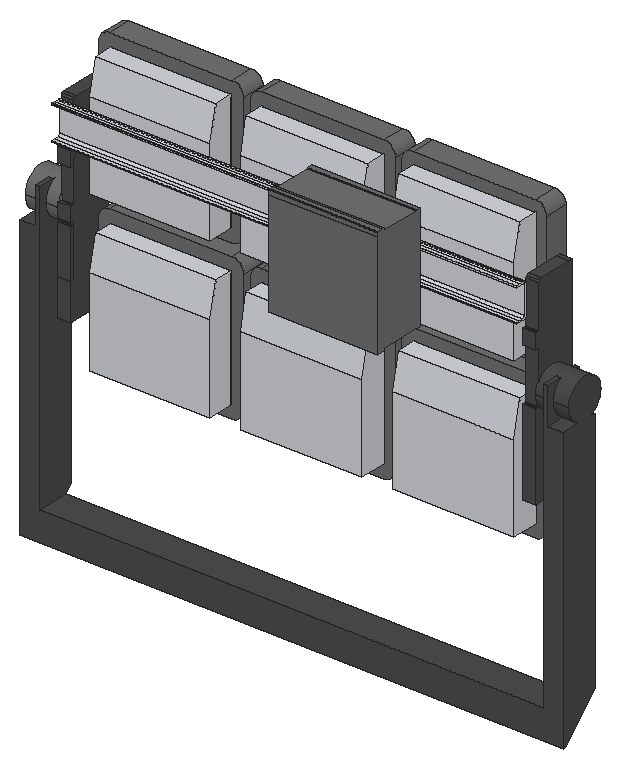
Revit family "Lighting-Floodlights-GEWISS-SMART[PRO]2.0-LED-HIGH-POWER_6MODULE_CLI", category Apparecchi per illuminazione, host Superficie, Revit 2019
Family settings
  Host = Superficie
  Quota connettore circolare = Usa diametro
  Tipo di parte = Normale
  Taglio con vuoti quando caricato = No
  Sorgente d'illuminazione = No
  Condiviso = No
  Punto di calcolo locali = No
Parameters (values of type "GWP2630AN957 - SMART PRO 3x2M A3 CRI90 5700K")
  Wiring = "Watertight connector"
  Weight (kg): = "29"
  Warranty = "5 years"
  Voltaggio = 230 V
  Visibilità etichetta [instance] = yes
  Vetro acceso = Lampada accesa
  Versions = "5700K cold light"
  Version file RFA = "20.11"
  Unique digital code (Datamatrix) = "Currently not present"
  Unified Glare Rating = "G*6 - ULOR = 0"
  URL = "https://www.gewiss.com/ww/en"
  Type of light source = "LED - Not replaceable"
  Tilt- = "Rotation on bracket with integrated goniometer"
  Technical sheet = "https://www.gewiss.com/ww/en/search?q=GWP2630AN957"
  System power = "970W"
  Supply voltage = "-"
  Struttura = GEWISS - NERO
  Stocking temperature = "-"
  Standards and approvals = "-"
  Standard- = "EN60598-1; EN60598-2-5; IEC 62778; IEC 62471; EN13201"
  Standard Deviation Colour Matching = "SDCM = 3"
  Shock resistance = "IK08"
  Shield type = "Flat tempered glass 4mm"
  SEO = "Floodlight"
  Realized by GEWISS S.p.A. = ""
  Rated frequency (Hz) = "-"
  Produttore = "GEWISS S.p.A."
  Photobiological Risk Class = "-"
  Overvoltage protection = "See external supply unit"
  Ottica_ = GEWISS - OTTICA
  Optic and illuminating features = "-"
  Optic Maintenance = "Not available"
  Optic : = "Polished anodised aluminum reflector with 99.99% pure aluminum"
  Optic = "A3 - Assymetric Narrow"
  Operating temperature : = "-30 +50 °C"
  N. poli = 2
  Mouting and installation = "High-mast lighting - Wall mounting - Ground mouting"
  Modello = "GWP2630AN957"
  Maximum surface exposed to the wind : = "0,333 m2"
  Materials = "-"
  Luminaire = "LED luminaire with mid and high lumen power"
  Lumen output (lm) = "95500"
  Locking Hook = "Hexagonal metric screws"
  Lifetime = "L90B10 (Tq+25°C) = 36000h L90B10 (Tq+50°C) = 26000h L80B10 (Tq+25°C) = 81000h"
  Lampada = "LED"
  LED Maintenance = "Yes"
  Insulation class = "I"
  Installationa and maintenance = "-"
  Immagine tipo = SMART PRO 6.jpg
  IPEA = "ROAD = C // LARGE AREAS = A // CICLOPEDONALI = B // GREEN AREAS = B // HISTORICAL CENTER = A ++ // OTHER = A ++"
  IP degree = "IP66"
  IFC.TypeObject = ""
  IFC.ExportType = ""
  IFC.ExportAs = ""
  IDT = "5694ef43a41d4293b3b9519a64b0ddb9"
  IDF = "6be5a8cc-6c55-4606-870e-3d78fd827b65"
  Glow Wire Test : = "-"
  General information = "-"
  Gasket = "Anti-aging silicone"
  Fixing = "Bracket"
  External screw = "Stainless steel"
  Etichetta wattaggio = yes
  Trasformatore = GEWISS - PLAFONIERA
  Struttura plafoniera = GEWISS - PLAFONIERA
  Spessore staffa = 59 mm
  Default Elevation = 1219.2 mm  # constant formula
  Proiettsmart_simbolo [instance] = no
  Plafoniera_bidimensionale [instance] = not(Proiettsmart_simbolo)  # yes
  Eletrical and lighting features = "-"
  Efficiency (lm/W) = "98"
  Driver Box = "External"
  Driver = "To be ordered separately"
  Distanza_y [instance] = 200 mm
  Distanza_x [instance] = 0 mm
  Distanza_effettiva_y_etichetta [instance] = 1000 mm - Distanza_y  # 800 mm
  Distanza_effettiva_x_etichetta [instance] = 1000 mm - Distanza_x  # 1000 mm
  Device with reduced surface temperature = "No"
  Descrizione = "SMART PRO 3x2M A3 CRI90 5700K"
  DIN 18032-3 certification = "-"
  Control System = "See external supply unit"
  Context = "Sport, Big Areas"
  Commenti sul wattaggio = "1020W"
  Commenti Wattaggio 1_200 = not(Commenti Wattaggio 1_100)  # no
  Commenti Wattaggio 1_100 = yes
  Colour temperature = "5700K"
  Colour : = "Polyester powder coated"
  Colour = "Graphite grey"
  Color Rendering Index = "CRI-90 TLCI-80"
  Classificazione = Lighting
  Larghezza = 503 mm
  L_plafoniera = 817 mm
  H_centro_STaffa = 459 mm
  Fine staffa = H_centro_STaffa + 25 mm  # 484 mm
  Classification: = "-"
  Catalogue = "LIGHTING"
  Carico apparente = 1020 VA
  COBie.Tagnumber = ""
  COBie.CreatedOn = ""
  COBie.CreatebBy = ""
  COBie.ComponentRegisterItemID = ""
  COBie.Component.TagNumber = ""
  COBie.Component.Space = ""
  COBie.Component.SerialNumber = ""
  COBie.Component.InstallationDate = ""
  COBie.Component.Description = ""
  COBie.Component.BarCode = ""
  Body = "Die-cast aluminium -"
  Application = "Indoor / Outdoor"
Reference planes
  plane 1 "Centro (Fronte/Retro)": y = 0
  plane 2: z = 0
  plane 3 "Centro (Sinistra/Destra)": x = 0
  plane 4: z = 459
  plane 5: z = 484
  plane 6: y = 29.5
  plane 7: y = -29.5
  plane 8: x = 382
  plane 9: y = 251.5
  plane 10: y = -251.5
  plane 11: y = 244.5
  plane 12: x = -412
  plane 13: x = -382
  plane 14: x = 412
  plane 15: x = 382
  plane 16: z = 45
  plane 17: z = 428.975
  plane 18: x = -387.874
  plane 19: z = 309.079
  plane 20: z = 712.236
  plane 21: y = 49.924
  plane 22: y = -20.101
  plane 23: x = 342.659
  plane 24: x = 361.842
  plane 25: x = -342.659
  plane 26: x = -361.842
  plane 27: z = 365.525
  plane 28: x = 31.483
  plane 29: x = 196.416
  plane 30 "aa": z = 579.103
  plane 31: through (-552, -4572, 0) normal (-0.9455, 0, 0.3256)
  plane 32: through (-463.272, -4572, 772.236) normal (0.3907, 0, 0.9205)
  plane 33: through (278.314, -4572, -114.377) normal (-0.9455, 0, -0.3256)
  plane 34: x = -1000
  plane 35: y = -1029.5
  plane 36: x = 0
  plane 37: y = -229.5
Forms (mm)
  Extrusion 1, solid, material "GEWISS - NERO" <- "Struttura"
    sketch origin (0, 0, 0) x (1, 0, 0) y (0, 0, 1)
      loop
        line (-382, 45) -> (-382, 484) -> (-412, 484) -> (-412, 0) -> (412, 0) -> (412, 484) -> (382, 484) -> (382, 45) -> (-382, 45)
    from -29.5 to 29.5
  Extrusion 2, void
    sketch origin (0, 0, 0) x (1, 0, 0) y (0, 0, 1)
      loop
        line (-412, 428.975) -> (-387.874, 428.975) -> (-387.874, 484) -> (-412, 484) -> (-412, 428.975)
    from -29.5 to 29.5
  Extrusion 3, void
    sketch origin (0, 0, 0) x (-1, 0, 0) y (0, 0, -1)
      loop
        line (-412, -428.975) -> (-412, -484) -> (-387.874, -484) -> (-387.874, -428.975) -> (-412, -428.975)
    from -29.5 to 29.5
  Extrusion 4, void
    sketch origin (0, 0, 0) x (0, -1, 0) y (0, 0, -1)
      loop
        line (-29.5, -55.368) -> (26.874, 0) -> (-29.5, 0) -> (-29.5, -55.368)
    from -412 to 412
  Extrusion 5, solid, material "GEWISS - NERO" <- "Struttura"
    sketch origin (0, 0, 0) x (0, 1, 0) y (0, 0, 1)
      loop
        circle (10.781, 457.75) r 30
    from 361.842 to 412
  Extrusion 6, solid, material "GEWISS - NERO" <- "Struttura"
    sketch origin (0, 0, 0) x (0, 1, 0) y (0, 0, 1)
      loop
        line (-20.101, 309.504) -> (44.485, 309.504) -> (49.924, 309.504) -> (49.924, 519.155) -> (49.924, 612.236) -> (44.457, 612.236) -> (-9.215, 612.236) -> (-12.352, 610.662) -> (-13.897, 607.544) -> (-13.897, 542.201) -> (-15.419, 542.201) -> (-20.101, 542.201) -> (-20.101, 519.155) -> (-13.897, 519.155) -> (-13.897, 439.018) -> (-15.419, 439.018) -> (-20.101, 439.018) -> (-20.101, 309.504)
    from 342.659 to 361.842
  Extrusion 7, solid
    sketch origin (0, 0, 0) x (0, 1, 0) y (0, 0, 1)
      loop
        line (-19.603, 605.15) -> (-26.334, 605.15) -> (-31.777, 605.15) -> (-31.777, 602.82) -> (-26.334, 602.82) -> (-18.859, 602.82)
        arc (-18.859, 602.82) -> (-17.001, 602.051) -> (-16.231, 600.192) r 2.628
        line (-16.231, 600.192) -> (-16.231, 557.937)
        arc (-16.231, 557.937) -> (-17.218, 555.555) -> (-19.6, 554.568) r 3.368
        line (-19.6, 554.568) -> (-26.334, 554.568) -> (-31.777, 554.596) -> (-31.777, 553.023) -> (-26.334, 553.023) -> (-19.576, 553.023)
        arc (-19.576, 553.023) -> (-15.56, 554.686) -> (-13.897, 558.702) r 5.679
        line (-13.897, 558.702) -> (-13.897, 599.444)
        arc (-13.897, 599.444) -> (-15.568, 603.478) -> (-19.603, 605.15) r 5.706
    from -361.842 to 342.659
  Extrusion 8, solid, material "GEWISS - PLAFONIERA" <- "Struttura plafoniera"
    sketch origin (0, 0, 0) x (0, 1, 0) y (0, 0, -1)
      loop
        circle (10.781, -457.75) r 30
    from 361.842 to 412
  Extrusion 9, solid, material "GEWISS - NERO" <- "Struttura"
    sketch origin (0, 0, 0) x (0, 1, 0) y (0, 0, -1)
      loop
        line (-20.101, -309.504) -> (-20.101, -364.018) -> (-15.419, -364.018) -> (-13.897, -364.018) -> (-13.897, -444.155) -> (-20.101, -444.155) -> (-20.101, -467.201) -> (-15.419, -467.201) -> (-13.897, -467.201) -> (-13.897, -532.544) -> (-12.352, -535.662) -> (-9.215, -537.236) -> (44.457, -537.236) -> (49.924, -537.236) -> (49.924, -444.155) -> (49.924, -309.504) -> (44.485, -309.504) -> (-20.101, -309.504)
    from 342.659 to 361.842
  Extrusion 10, solid, not visible
    sketch origin (0, 0, -239.625) x (0, 1, 0) y (0, 0, 1)
      loop
        line (-19.603, 605.15) -> (-26.334, 605.15) -> (-31.777, 605.15) -> (-31.777, 602.82) -> (-26.334, 602.82) -> (-18.859, 602.82)
        arc (-18.859, 602.82) -> (-17.001, 602.051) -> (-16.231, 600.192) r 2.628
        line (-16.231, 600.192) -> (-16.231, 557.937)
        arc (-16.231, 557.937) -> (-17.218, 555.555) -> (-19.6, 554.568) r 3.368
        line (-19.6, 554.568) -> (-26.334, 554.568) -> (-31.777, 554.596) -> (-31.777, 553.023) -> (-26.334, 553.023) -> (-19.576, 553.023)
        arc (-19.576, 553.023) -> (-15.56, 554.686) -> (-13.897, 558.702) r 5.679
        line (-13.897, 558.702) -> (-13.897, 599.444)
        arc (-13.897, 599.444) -> (-15.568, 603.478) -> (-19.603, 605.15) r 5.706
    from -361.842 to 342.659
  Extrusion 11, solid, material "GEWISS - PLAFONIERA" <- "Trasformatore"
    sketch origin (0, 0, 0) x (0, 1, 0) y (0, 0, 1)
      loop
        line (-100.243, 661.174) -> (-100.243, 661.959) -> (-103.352, 661.959) -> (-110.368, 661.959) -> (-111.909, 661.174) -> (-111.909, 654.942) -> (-111.909, 495.458) -> (-100.243, 495.458) -> (-100.243, 497.003) -> (-99.477, 498.571) -> (-98.693, 499.332) -> (-38.765, 500.117) -> (-38.765, 498.571) -> (-31.777, 498.571) -> (-31.777, 551.454) -> (-32.561, 553.023) -> (-32.561, 605.934) -> (-31.777, 607.507) -> (-31.777, 659.634) -> (-38.765, 659.634) -> (-38.765, 658.056) -> (-98.693, 658.84) -> (-99.477, 659.634) -> (-100.243, 661.174)
    from 31.483 to 196.416
  Extrusion 12, solid, not visible
    sketch origin (0, 0, 0) x (0, 1, 0) y (0, 0, 1)
      loop
        line (-12.377, 860.2) -> (-12.377, 728.008) -> (28.098, 728.008) -> (28.098, 910.008) -> (-2.114, 910.008) -> (-12.377, 860.2)
    from -319.833 to -137.833
  Extrusion 13, solid
    sketch origin (0, 0, 0.351) x (0, 1, 0) y (0, 0, 1)
      loop
        line (-19.603, 605.15) -> (-26.334, 605.15) -> (-31.777, 605.15) -> (-31.777, 602.82) -> (-26.334, 602.82) -> (-18.859, 602.82)
        arc (-18.859, 602.82) -> (-17.001, 602.051) -> (-16.231, 600.192) r 2.628
        line (-16.231, 600.192) -> (-16.231, 557.937)
        arc (-16.231, 557.937) -> (-17.218, 555.555) -> (-19.6, 554.568) r 3.368
        line (-19.6, 554.568) -> (-26.334, 554.568) -> (-31.777, 554.596) -> (-31.777, 553.023) -> (-26.334, 553.023) -> (-19.576, 553.023)
        arc (-19.576, 553.023) -> (-15.56, 554.686) -> (-13.897, 558.702) r 5.679
        line (-13.897, 558.702) -> (-13.897, 599.444)
        arc (-13.897, 599.444) -> (-15.568, 603.478) -> (-19.603, 605.15) r 5.706
    from -361.842 to 342.659
  Extrusion 14, solid
    sketch origin (0, 0, -239.649) x (0, 1, 0) y (0, 0, 1)
      loop
        line (-12.377, 860.2) -> (-12.377, 728.008) -> (28.098, 728.008) -> (28.098, 910.008) -> (-2.114, 910.008) -> (-12.377, 860.2)
    from -319.833 to -137.833
  Extrusion 15, solid
    sketch origin (0, 0, -239.649) x (0, 1, 0) y (0, 0, 1)
      loop
        line (-12.377, 860.2) -> (-12.377, 728.008) -> (28.098, 728.008) -> (28.098, 910.008) -> (-2.114, 910.008) -> (-12.377, 860.2)
    from -319.833 to -137.833
  Extrusion 16, solid
    sketch origin (0, 0, -239.649) x (0, 1, 0) y (0, 0, 1)
      loop
        line (-12.377, 860.2) -> (-12.377, 728.008) -> (28.098, 728.008) -> (28.098, 910.008) -> (-2.114, 910.008) -> (-12.377, 860.2)
    from -91.406 to 92.998
  Extrusion 17, solid
    sketch origin (0, 0, -239.649) x (0, 1, 0) y (0, 0, 1)
      loop
        line (-12.377, 860.2) -> (-12.377, 728.008) -> (28.098, 728.008) -> (28.098, 911.885) -> (-1.728, 911.885) -> (-12.377, 860.2)
    from 139.682 to 323.278
  Extrusion 18, solid, not visible
    sketch origin (0, 0, 0) x (0, 1, 0) y (0, 0, 1)
      loop
        line (-12.377, 860.2) -> (-12.377, 728.008) -> (28.098, 728.008) -> (28.098, 910.008) -> (-2.114, 910.008) -> (-12.377, 860.2)
    from -319.833 to -137.833
  Extrusion 19, solid, not visible
    sketch origin (0, 0, 0) x (0, 1, 0) y (0, 0, 1)
      loop
        line (-12.377, 860.2) -> (-12.377, 728.008) -> (28.098, 728.008) -> (28.098, 910.008) -> (-2.114, 910.008) -> (-12.377, 860.2)
    from -319.833 to -137.833
  Extrusion 20, solid, not visible
    sketch origin (0, 0, 0) x (0, 1, 0) y (0, 0, 1)
      loop
        line (-12.377, 860.2) -> (-12.377, 728.008) -> (28.098, 728.008) -> (28.098, 910.008) -> (-2.114, 910.008) -> (-12.377, 860.2)
    from -91.406 to 92.998
  Extrusion 21, solid, not visible
    sketch origin (0, 0, 0) x (0, 1, 0) y (0, 0, 1)
      loop
        line (-12.377, 860.2) -> (-12.377, 728.008) -> (28.098, 728.008) -> (28.098, 911.885) -> (-1.728, 911.885) -> (-12.377, 860.2)
    from 139.682 to 323.278
  Extrusion 22, solid
    sketch origin (0, 0, -479.294) x (0, 1, 0) y (0, 0, 1)
      loop
        line (-12.377, 860.2) -> (-12.377, 728.008) -> (28.098, 728.008) -> (28.098, 910.008) -> (-2.114, 910.008) -> (-12.377, 860.2)
    from -319.833 to -137.833
  Extrusion 23, solid
    sketch origin (0, 0, -479.294) x (0, 1, 0) y (0, 0, 1)
      loop
        line (-12.377, 860.2) -> (-12.377, 728.008) -> (28.098, 728.008) -> (28.098, 910.008) -> (-2.114, 910.008) -> (-12.377, 860.2)
    from -319.833 to -137.833
  Extrusion 24, solid
    sketch origin (0, 0, -479.294) x (0, 1, 0) y (0, 0, 1)
      loop
        line (-12.377, 860.2) -> (-12.377, 728.008) -> (28.098, 728.008) -> (28.098, 910.008) -> (-2.114, 910.008) -> (-12.377, 860.2)
    from -91.406 to 92.998
  Extrusion 25, solid
    sketch origin (0, 0, -479.294) x (0, 1, 0) y (0, 0, 1)
      loop
        line (-12.377, 860.2) -> (-12.377, 728.008) -> (28.098, 728.008) -> (28.098, 911.885) -> (-1.728, 911.885) -> (-12.377, 860.2)
    from 139.682 to 323.278
  Extrusion 26, solid, material "GEWISS - NERO" <- "Struttura"
    sketch origin (0, 0, 0) x (0, 1, 0) y (0, 0, -1)
      loop
        line (-20.101, -309.504) -> (-20.101, -439.018) -> (-15.419, -439.018) -> (-13.897, -439.018) -> (-13.897, -519.155) -> (-20.101, -519.155) -> (-20.101, -542.201) -> (-15.419, -542.201) -> (-13.897, -542.201) -> (-13.897, -607.544) -> (-12.352, -610.662) -> (-9.215, -612.236) -> (44.457, -612.236) -> (49.924, -612.236) -> (49.924, -519.155) -> (49.924, -309.504) -> (44.485, -309.504) -> (-20.101, -309.504)
    from 342.659 to 361.842
Cuts and joins
  Extrusion 2, Extrusion 3, Extrusion 4 cuts Extrusion 1
  joined: Extrusion 1, Extrusion 5
Lines and regions (mm)
  Masking region 1, visible <- "Plafoniera_bidimensionale"
    outline origin (0, 0, 0) x (1, 0, 0) y (0, 1, 0)
      loop
        line (-413.833, -26.874) -> (412, -26.874) -> (412, 28.098) -> (342.659, 28.098) -> (342.659, 64.098) -> (120.996, 64.098) -> (120.996, 28.098) -> (111.466, 28.098) -> (111.466, 64.098) -> (-108.534, 64.098) -> (-108.534, 29.098) -> (-118.534, 29.098) -> (-118.534, 64.098) -> (-338.833, 64.098) -> (-338.833, 28.098) -> (-413.833, 28.098) -> (-413.833, -26.874)
  Masking region 2, visible <- "Proiettsmart_simbolo"
    outline origin (0, 0, 0) x (1, 0, 0) y (0, 0, 1)
      loop
        line (-174.151, 45) -> (-174.151, 0) -> (214.342, 0) -> (214.342, 45) -> (-174.151, 45)
  Masking region 3, visible <- "Proiettsmart_simbolo"
    outline origin (0, 0, 0) x (0, 1, 0) y (0, 0, 1)
      loop
        line (-175.348, 45) -> (-175.348, 0) -> (214.524, 0) -> (214.524, 45) -> (-175.348, 45)
Dimensions and locks
  "H_centro_STaffa": plane 4 to plane 2
  "Fine staffa": plane 5 to plane 2
  equal spacing: plane 6, plane 1 "Centro (Fronte/Retro)", plane 7
  "Spessore staffa": plane 6 to plane 7
  equal spacing: plane 9, plane 1 "Centro (Fronte/Retro)", plane 10
  "Larghezza": plane 9 to plane 10
  locked: plane 9 to plane 11 at 7
  locked: plane 13 to plane 12 at 30
  locked: plane 15 to plane 14 at 30
  locked: plane 16 to host face at 45
  locked: plane 12 to plane 18 at 24.126
  locked: plane 4 to plane 17 at 30.025
  host face to plane 19 = 309.079 mm
  locked: plane 21 to plane 6 at 20.424
  locked: plane 22 to plane 7 at 9.399
  locked: plane 24 to plane 15 at 20.158
  locked: plane 24 to plane 23 at 19.183
  locked: plane 26 to plane 25 at 19.183
  plane 4 to Extrusion 7 = 146.15 mm
  locked: Extrusion 9 to Extrusion 9 at 19.183
  plane 34 to plane 3 "Centro (Sinistra/Destra)" = 1000 mm
  "Distanza_effettiva_x_etichetta": plane 34 to plane 36
  plane 7 to plane 35 = 1000 mm
  "Distanza_effettiva_y_etichetta": plane 37 to plane 35
  angle plane 20 to plane 31 = 71.00°
  angle plane 33 to plane 31 = 142.00°
  angle plane 31 to plane 33 = 38.00°
  angle plane 16 to plane 28 = 90.00°
  angle plane 23 to plane 19 = 90.00°
  angle plane 33 to plane 32 = 48.00°
  angle plane 31 to plane 13 = 19.00°
  aligned and locked: plane 2 to host face
  aligned and locked: level to host face
  aligned and locked: plane 5 to Extrusion 1  (x2)
  aligned and locked: Extrusion 1 to plane 2
  aligned and locked: plane 6 to Extrusion 1
  aligned and locked: Extrusion 1 to plane 7
  aligned and locked: Extrusion 1 sketch curve to plane 13
  aligned and locked: Extrusion 1 sketch curve to plane 12
  aligned and locked: plane 14 to Extrusion 1 sketch curve
  aligned and locked: Extrusion 1 sketch curve to plane 15
  aligned and locked: plane 16 to Extrusion 1 sketch curve
  aligned and locked: Extrusion 2 sketch curve to plane 12
  aligned and locked: Extrusion 2 sketch curve to plane 5
  aligned and locked: Extrusion 2 sketch curve to plane 17
  aligned and locked: Extrusion 2 sketch curve to plane 18
  aligned and locked: Extrusion 1 to Extrusion 2
  aligned and locked: Extrusion 2 to Extrusion 1
  aligned and locked: Extrusion 3 to Extrusion 1
  aligned and locked: Extrusion 1 to Extrusion 3
  aligned and locked: Extrusion 5 to plane 14
  aligned and locked: Extrusion 6 to cut or joined group of Extrusion 1, Extrusion 2, Extrusion 3, Extrusion 4, Extrusion 5
  aligned and locked: cut or joined group of Extrusion 1, Extrusion 2, Extrusion 3, Extrusion 4, Extrusion 5 to plane 24
  aligned and locked: plane 24 to Extrusion 6
  aligned and locked: Extrusion 7 to Extrusion 6
  aligned and locked: Extrusion 8 to plane 26
  aligned and locked: plane 26 to Extrusion 9
  aligned and locked: Extrusion 9 to plane 25
  aligned and locked: plane 23 to Extrusion 7
  aligned and locked: plane 28 to Extrusion 11
  aligned and locked: Extrusion 11 to plane 29
  aligned and locked: nested 3 to Extrusion 14
  aligned and locked: nested 9 to Extrusion 22
  aligned and locked: plane 36 to nested 1
  aligned and locked: nested 1 to plane 37
  aligned and locked: plane 36 to nested 12
  aligned and locked: nested 12 to level
  aligned and locked: nested 13 to plane 28
  aligned and locked: nested 13 to plane 7
  aligned and locked: plane 36 to nested 14
  aligned and locked: plane 19 to nested 14
  aligned and locked: plane 16 to Masking region 2 sketch curve
  aligned and locked: level to Masking region 2 sketch curve
  aligned and locked: nested 15 to Extrusion 11
  aligned and locked: host face to nested 15
  aligned and locked: nested 16 to plane 1 "Centro (Fronte/Retro)"
  aligned and locked: plane 19 to nested 16
  aligned and locked: plane 16 to Masking region 3 sketch curve
  aligned and locked: level to Masking region 3 sketch curve
Automatic sketch dimensions
  Extrusion 10 sketch curve to Extrusion 10 sketch curve = 0 mm  (x3)
  Extrusion 10 sketch curve to Extrusion 10 sketch curve = 2.628 mm
  Extrusion 10 sketch curve to Extrusion 10 sketch curve = 2.334 mm
  Extrusion 10 sketch curve to Extrusion 10 sketch curve = 40.742 mm
  Extrusion 10 sketch curve to Extrusion 10 sketch curve = 0.749 mm
  Extrusion 10 sketch curve to Extrusion 10 sketch curve = 5.443 mm  (x2)
  Extrusion 10 sketch curve to Extrusion 10 sketch curve = 6.73 mm
  Extrusion 10 sketch curve to Extrusion 10 sketch curve = 6.734 mm
  Extrusion 10 sketch curve to Extrusion 10 sketch curve = 0.024 mm
  Extrusion 10 sketch curve to Extrusion 10 sketch curve = 0.744 mm
  Extrusion 10 sketch curve to Extrusion 10 sketch curve = 1.545 mm
  Extrusion 10 sketch curve to Extrusion 10 sketch curve = 1.573 mm
  Extrusion 12 sketch curve to Extrusion 12 sketch curve = 10.262 mm
  Extrusion 12 sketch curve to Extrusion 12 sketch curve = 40.475 mm
  Extrusion 12 sketch curve to Extrusion 12 sketch curve = 132.192 mm
  Extrusion 12 sketch curve to Extrusion 12 sketch curve = 49.808 mm
  Extrusion 18 sketch curve to Extrusion 18 sketch curve = 49.808 mm
  Extrusion 19 sketch curve to Extrusion 19 sketch curve = 49.808 mm
  Extrusion 20 sketch curve to Extrusion 20 sketch curve = 49.808 mm
  Extrusion 21 sketch curve to Extrusion 21 sketch curve = 51.684 mm
  Extrusion 18 sketch curve to Extrusion 18 sketch curve = 10.262 mm
  Extrusion 18 sketch curve to Extrusion 18 sketch curve = 40.475 mm
  Extrusion 18 sketch curve to Extrusion 18 sketch curve = 132.192 mm
  Extrusion 19 sketch curve to Extrusion 19 sketch curve = 10.262 mm
  Extrusion 19 sketch curve to Extrusion 19 sketch curve = 40.475 mm
  Extrusion 19 sketch curve to Extrusion 19 sketch curve = 132.192 mm
  Extrusion 20 sketch curve to Extrusion 20 sketch curve = 10.262 mm
  Extrusion 20 sketch curve to Extrusion 20 sketch curve = 40.475 mm
  Extrusion 20 sketch curve to Extrusion 20 sketch curve = 132.192 mm
  Extrusion 21 sketch curve to Extrusion 21 sketch curve = 10.649 mm
  Extrusion 21 sketch curve to Extrusion 21 sketch curve = 40.475 mm
  Extrusion 21 sketch curve to Extrusion 21 sketch curve = 132.192 mm
  Extrusion 22 sketch curve to Extrusion 22 sketch curve = 49.808 mm
  Extrusion 23 sketch curve to Extrusion 23 sketch curve = 49.808 mm
  Extrusion 24 sketch curve to Extrusion 24 sketch curve = 49.808 mm
  Extrusion 25 sketch curve to Extrusion 25 sketch curve = 51.684 mm
  Extrusion 22 sketch curve to Extrusion 22 sketch curve = 10.262 mm
  Extrusion 22 sketch curve to Extrusion 22 sketch curve = 40.475 mm
  Extrusion 22 sketch curve to Extrusion 22 sketch curve = 132.192 mm
  Extrusion 23 sketch curve to Extrusion 23 sketch curve = 10.262 mm
  Extrusion 23 sketch curve to Extrusion 23 sketch curve = 40.475 mm
  Extrusion 23 sketch curve to Extrusion 23 sketch curve = 132.192 mm
  Extrusion 24 sketch curve to Extrusion 24 sketch curve = 10.262 mm
  Extrusion 24 sketch curve to Extrusion 24 sketch curve = 40.475 mm
  Extrusion 24 sketch curve to Extrusion 24 sketch curve = 132.192 mm
  Extrusion 25 sketch curve to Extrusion 25 sketch curve = 10.649 mm
  Extrusion 25 sketch curve to Extrusion 25 sketch curve = 40.475 mm
  Extrusion 25 sketch curve to Extrusion 25 sketch curve = 132.192 mm
  host sketch curve to host sketch curve = 2438.4 mm  (x2)
  Extrusion 1 sketch curve to level = 0 mm
  Extrusion 1 sketch curve to plane 5 = 0 mm  (x2)
  Extrusion 3 sketch curve to plane 5 = 0 mm
  plane 14 to Extrusion 3 sketch curve = 0 mm
  Extrusion 3 sketch curve to plane 17 = 0 mm
  Extrusion 3 sketch curve to plane 8 = 5.874 mm
  Extrusion 4 sketch curve to level = 0 mm
  Extrusion 4 sketch curve to plane 6 = 0 mm
  Extrusion 4 sketch curve to plane 7 = 2.626 mm
  plane 16 to Extrusion 4 sketch curve = 10.368 mm
  Extrusion 5 sketch curve to plane 4 = 1.25 mm
  Extrusion 5 sketch curve to plane 1 "Centro (Fronte/Retro)" = 10.781 mm
  Extrusion 6 sketch curve to plane 22 = 0 mm  (x2)
  Extrusion 6 sketch curve to plane 21 = 0 mm
  Extrusion 6 sketch curve to plane 22 = 4.682 mm
  Extrusion 6 sketch curve to Extrusion 6 sketch curve = 4.682 mm
  Extrusion 6 sketch curve to Extrusion 6 sketch curve = 1.522 mm  (x2)
  Extrusion 6 sketch curve to Extrusion 6 sketch curve = 1.545 mm
  Extrusion 6 sketch curve to Extrusion 6 sketch curve = 3.137 mm
  plane 21 to Extrusion 6 sketch curve = 5.467 mm
  Extrusion 6 sketch curve to plane 19 = 0.424 mm
  plane 21 to Extrusion 6 sketch curve = 5.439 mm
  Extrusion 6 sketch curve to plane 17 = 10.043 mm
  plane 5 to Extrusion 6 sketch curve = 35.155 mm  (x2)
  Extrusion 6 sketch curve to Extrusion 6 sketch curve = 23.046 mm
  Extrusion 6 sketch curve to plane 30 "aa" = 28.441 mm
  Extrusion 6 sketch curve to Extrusion 6 sketch curve = 3.118 mm
  Extrusion 6 sketch curve to plane 30 "aa" = 33.133 mm
  Extrusion 7 sketch curve to plane 7 = 2.277 mm  (x2)
  plane 7 to Extrusion 7 sketch curve = 3.166 mm  (x2)
  Extrusion 7 sketch curve to Extrusion 7 sketch curve = 0 mm  (x2)
  Extrusion 7 sketch curve to plane 22 = 0.498 mm
  Extrusion 7 sketch curve to plane 22 = 0.502 mm
  Extrusion 7 sketch curve to plane 22 = 0.526 mm
  Extrusion 7 sketch curve to plane 22 = 1.242 mm
  Extrusion 7 sketch curve to Extrusion 7 sketch curve = 2.628 mm
  Extrusion 7 sketch curve to Extrusion 7 sketch curve = 2.334 mm
  plane 30 "aa" to Extrusion 7 sketch curve = 26.08 mm
  Extrusion 7 sketch curve to Extrusion 7 sketch curve = 1.545 mm
  Extrusion 7 sketch curve to Extrusion 7 sketch curve = 1.573 mm
  Extrusion 7 sketch curve to plane 30 "aa" = 20.341 mm
  Extrusion 7 sketch curve to Extrusion 7 sketch curve = 0.749 mm
  Extrusion 8 sketch curve to plane 4 = 1.25 mm
  Extrusion 8 sketch curve to plane 1 "Centro (Fronte/Retro)" = 10.781 mm
  Extrusion 9 sketch curve to plane 22 = 0 mm  (x2)
  Extrusion 9 sketch curve to plane 21 = 0 mm
  Extrusion 9 sketch curve to plane 22 = 4.682 mm
  Extrusion 9 sketch curve to plane 27 = 1.507 mm
  Extrusion 9 sketch curve to Extrusion 9 sketch curve = 4.682 mm
  Extrusion 9 sketch curve to Extrusion 9 sketch curve = 1.522 mm  (x2)
  Extrusion 9 sketch curve to Extrusion 9 sketch curve = 1.545 mm
  Extrusion 9 sketch curve to Extrusion 9 sketch curve = 3.137 mm
  plane 21 to Extrusion 9 sketch curve = 5.467 mm
  Extrusion 9 sketch curve to plane 19 = 0.424 mm
  plane 21 to Extrusion 9 sketch curve = 5.439 mm
  Extrusion 9 sketch curve to plane 4 = 14.845 mm  (x2)
  plane 4 to Extrusion 9 sketch curve = 8.201 mm
  plane 30 "aa" to Extrusion 9 sketch curve = 46.559 mm
  Extrusion 9 sketch curve to Extrusion 9 sketch curve = 3.118 mm
  Extrusion 9 sketch curve to Extrusion 9 sketch curve = 1.573 mm
  plane 5 to Extrusion 11 sketch curve = 11.458 mm
  Extrusion 11 sketch curve to plane 7 = 82.409 mm
  Extrusion 11 sketch curve to Extrusion 11 sketch curve = 1.541 mm  (x2)
  Extrusion 11 sketch curve to Extrusion 11 sketch curve = 7.017 mm
  Extrusion 11 sketch curve to Extrusion 11 sketch curve = 3.109 mm
  Extrusion 11 sketch curve to Extrusion 11 sketch curve = 11.666 mm
  Extrusion 11 sketch curve to Extrusion 11 sketch curve = 0.766 mm  (x2)
  plane 5 to Extrusion 11 sketch curve = 14.571 mm  (x2)
  plane 5 to Extrusion 11 sketch curve = 15.332 mm
  Extrusion 11 sketch curve to Extrusion 11 sketch curve = 0.784 mm  (x4)
  Extrusion 11 sketch curve to plane 7 = 9.265 mm  (x2)
  Extrusion 11 sketch curve to plane 7 = 3.061 mm
  Extrusion 11 sketch curve to plane 7 = 2.277 mm
  Extrusion 11 sketch curve to Extrusion 11 sketch curve = 1.545 mm  (x2)
  plane 30 "aa" to Extrusion 11 sketch curve = 27.648 mm
  Extrusion 11 sketch curve to Extrusion 11 sketch curve = 1.569 mm
  Extrusion 11 sketch curve to plane 30 "aa" = 26.831 mm
  Extrusion 11 sketch curve to Extrusion 11 sketch curve = 1.573 mm
  Extrusion 11 sketch curve to plane 20 = 57.293 mm
  Extrusion 11 sketch curve to Extrusion 11 sketch curve = 50.549 mm
  Extrusion 11 sketch curve to Extrusion 11 sketch curve = 3.898 mm
  Extrusion 11 sketch curve to Extrusion 11 sketch curve = 1.578 mm
  Extrusion 11 sketch curve to Extrusion 11 sketch curve = 0.794 mm
  Extrusion 11 sketch curve to Extrusion 11 sketch curve = 6.232 mm
  Extrusion 13 sketch curve to plane 7 = 2.277 mm  (x2)
  plane 7 to Extrusion 13 sketch curve = 3.166 mm  (x2)
  Extrusion 13 sketch curve to Extrusion 13 sketch curve = 0 mm  (x2)
  Extrusion 13 sketch curve to plane 22 = 0.498 mm
  Extrusion 13 sketch curve to plane 22 = 0.502 mm
  Extrusion 13 sketch curve to plane 22 = 0.526 mm
  Extrusion 13 sketch curve to plane 22 = 1.242 mm
  Extrusion 13 sketch curve to Extrusion 13 sketch curve = 2.628 mm
  Extrusion 13 sketch curve to Extrusion 13 sketch curve = 2.334 mm
  plane 30 "aa" to Extrusion 13 sketch curve = 25.729 mm
  Extrusion 13 sketch curve to Extrusion 13 sketch curve = 1.545 mm
  Extrusion 13 sketch curve to Extrusion 13 sketch curve = 1.573 mm
  Extrusion 13 sketch curve to plane 30 "aa" = 20.692 mm
  Extrusion 13 sketch curve to Extrusion 13 sketch curve = 0.749 mm
  Extrusion 14 sketch curve to plane 22 = 7.725 mm
  plane 1 "Centro (Fronte/Retro)" to Extrusion 14 sketch curve = 2.114 mm
  Extrusion 14 sketch curve to plane 6 = 1.402 mm
  plane 5 to Extrusion 14 sketch curve = 4.359 mm
  Extrusion 14 sketch curve to plane 30 "aa" = 41.449 mm
  Extrusion 14 sketch curve to plane 20 = 41.877 mm
  Extrusion 15 sketch curve to plane 22 = 7.725 mm
  plane 1 "Centro (Fronte/Retro)" to Extrusion 15 sketch curve = 2.114 mm
  Extrusion 15 sketch curve to plane 6 = 1.402 mm
  plane 5 to Extrusion 15 sketch curve = 4.359 mm
  Extrusion 15 sketch curve to plane 30 "aa" = 41.449 mm
  Extrusion 15 sketch curve to plane 20 = 41.877 mm
  Extrusion 16 sketch curve to plane 22 = 7.725 mm
  plane 1 "Centro (Fronte/Retro)" to Extrusion 16 sketch curve = 2.114 mm
  Extrusion 16 sketch curve to plane 6 = 1.402 mm
  plane 5 to Extrusion 16 sketch curve = 4.359 mm
  Extrusion 16 sketch curve to plane 30 "aa" = 41.449 mm
  Extrusion 16 sketch curve to plane 20 = 41.877 mm
  Extrusion 17 sketch curve to plane 22 = 7.725 mm
  plane 1 "Centro (Fronte/Retro)" to Extrusion 17 sketch curve = 1.728 mm
  Extrusion 17 sketch curve to plane 6 = 1.402 mm
  plane 5 to Extrusion 17 sketch curve = 4.359 mm
  Extrusion 17 sketch curve to plane 30 "aa" = 41.449 mm
  Extrusion 17 sketch curve to plane 20 = 40 mm
  Extrusion 26 sketch curve to plane 22 = 0 mm  (x2)
  Extrusion 26 sketch curve to plane 21 = 0 mm
  Extrusion 26 sketch curve to plane 22 = 4.682 mm
  Extrusion 26 sketch curve to Extrusion 26 sketch curve = 4.682 mm
  Extrusion 26 sketch curve to Extrusion 26 sketch curve = 1.522 mm  (x2)
  Extrusion 26 sketch curve to Extrusion 26 sketch curve = 1.545 mm
  Extrusion 26 sketch curve to Extrusion 26 sketch curve = 3.137 mm
  plane 21 to Extrusion 26 sketch curve = 5.467 mm
  Extrusion 26 sketch curve to plane 19 = 0.424 mm
  plane 21 to Extrusion 26 sketch curve = 5.439 mm
  Extrusion 26 sketch curve to plane 17 = 10.043 mm
  plane 5 to Extrusion 26 sketch curve = 35.155 mm  (x2)
  Extrusion 26 sketch curve to Extrusion 26 sketch curve = 23.046 mm
  Extrusion 26 sketch curve to plane 30 "aa" = 28.441 mm
  Extrusion 26 sketch curve to Extrusion 26 sketch curve = 3.118 mm
  Extrusion 26 sketch curve to Extrusion 26 sketch curve = 1.573 mm
  Masking region 1 sketch curve to plane 23 = 0 mm
  Masking region 1 sketch curve to plane 14 = 0 mm
  Masking region 1 sketch curve to plane 6 = 1.402 mm  (x3)
  plane 29 to Masking region 1 sketch curve = 75.419 mm
  Masking region 1 sketch curve to Masking region 1 sketch curve = 9.53 mm
  Masking region 1 sketch curve to plane 6 = 0.402 mm
  Masking region 1 sketch curve to plane 3 "Centro (Sinistra/Destra)" = 108.534 mm
  Masking region 1 sketch curve to Masking region 1 sketch curve = 10 mm
  Masking region 1 sketch curve to plane 25 = 3.826 mm
  plane 12 to Masking region 1 sketch curve = 1.833 mm
  plane 7 to Masking region 1 sketch curve = 2.626 mm
  Masking region 1 sketch curve to plane 21 = 14.174 mm
  Masking region 1 sketch curve to Masking region 1 sketch curve = 0 mm  (x2)
  Masking region 2 sketch curve to plane 25 = 168.508 mm
  Masking region 2 sketch curve to plane 29 = 17.926 mm
  plane 37 to Masking region 3 sketch curve = 54.152 mm
  Masking region 3 sketch curve to plane 11 = 29.976 mm
  radius of Extrusion 5 sketch curve = 30 mm
  radius of Extrusion 8 sketch curve = 30 mm
Nested families
  nested 1: "ETICHETTA WATTAGGIO" at (0, -229.5, 0), visible <- "Visibilità etichetta", COMMENTI <- "Commenti sul wattaggio", type "ETICHETTA WATTAGGIO"
    with COMMENTI "1020W"
  nested 2: "Faro per smart pro" at (-228.833, 64.098, 819.008) x (0, 0, 1) z (0, 1, 0), type "4L", not visible
  nested 3: "Faro per smart pro" at (-228.833, 64.098, 579.359) x (0, 0, 1) z (0, 1, 0), type "4L"
  nested 4: "Faro per smart pro" at (1.466, 64.098, 579.359) x (0, 0, 1) z (0, 1, 0), type "4L"
  nested 5: "Faro per smart pro" at (230.996, 64.098, 579.359) x (0, 0, 1) z (0, 1, 0), type "4L"
  nested 6: "Faro per smart pro" at (-228.833, 64.098, 819.008) x (0, 0, 1) z (0, 1, 0), type "4L", not visible
  nested 7: "Faro per smart pro" at (1.466, 64.098, 819.008) x (0, 0, 1) z (0, 1, 0), type "4L", not visible
  nested 8: "Faro per smart pro" at (230.996, 64.098, 819.008) x (0, 0, 1) z (0, 1, 0), type "4L", not visible
  nested 9: "Faro per smart pro" at (-228.833, 64.098, 339.714) x (0, 0, 1) z (0, 1, 0), type "4L"
  nested 10: "Faro per smart pro" at (1.466, 64.098, 339.714) x (0, 0, 1) z (0, 1, 0), type "4L"
  nested 11: "Faro per smart pro" at (230.996, 64.098, 339.714) x (0, 0, 1) z (0, 1, 0), type "4L"
  nested 12: "Frontale6 2D" at (0, 0, 0) x (1, 0, 0) z (0, -1, 0), visible <- "Plafoniera_bidimensionale", type "Frontale6 2D"
  nested 13: "SIMBOLO SMART[PRO]6" at (31.483, -29.5, 0), visible <- "Proiettsmart_simbolo", type "SIMBOLO SMART[PRO]6"
  nested 14: "SIMBOLO SMART[PRO]6" at (0, 0, 59.171) x (1, 0, 0) z (0, -1, 0), visible <- "Proiettsmart_simbolo", type "SIMBOLO SMART[PRO]6"
  nested 15: "Laterale6 2D" at (0, 9.561, 0) x (0, -1, 0) z (1, 0, 0), visible <- "Plafoniera_bidimensionale", type "Laterale6 2D"
  nested 16: "SIMBOLO SMART[PRO]6" at (0, 0, 59.171) x (0, 1, 0) z (1, 0, 0), visible <- "Proiettsmart_simbolo", type "SIMBOLO SMART[PRO]6"
Connectors
  electrical at (113.949, -111.909, 575.2), driven by "N. poli", driven by "Voltaggio", driven by "Carico apparente"
    settings: on Extrusion 11, index 1, voltage 230 V, apparent load 0 VA, apparent load phase1 1020 VA, apparent load phase2 0 VA, apparent load phase3 0 VA, power factor 1, load classification "Lighting", number of poles 2, system type 31, power factor state 1, is connector primary yes, connector utility no, sub classification motor no, connector description ""
Definition of nested family "Faro per smart pro"
  Parameters (values of type "4L")
    vETRINO = none
    ottica = none
    Spessore_mascherina = 36 mm
    Default Elevation = 1219.2 mm
    N.intarsi = (Lunghezza_mascherina - (Bordo * 2)) / 15 mm  # 12
    N._intarsi verticale = (Larghezza_mascherina - (Bordo * 2)) / 17 mm  # 11
    Mascherina = none
    Lunghezza_mascherina = 220 mm
    Larghezza_mascherina = 220 mm
    Distanza_intarsi v. = 25 mm  # constant formula
    Distanza_intarsi = 25 mm  # constant formula
    Bordo = 19 mm
  Types (2, lengths in mm): name | Spessore_mascherina | N._intarsi verticale | Lunghezza_mascherina | Larghezza_mascherina | Bordo
    Maschera_smart  2L | 10 | 5 | 243 | 149 | 29
    4L | 36 | 11 | 220 | 220 | 19
  Reference planes
    plane 1 "Centro (Fronte/Retro)": y = 0
    plane 2: z = 0
    plane 3 "Centro (Sinistra/Destra)": x = 0
    plane 4: x = -110
    plane 5 "Dietro": y = 110
    plane 6: x = 110
    plane 7: y = -110
    plane 8: x = -91
    plane 9: y = -91
    plane 10: x = 91
    plane 11: y = 91
    plane 12: x = -85
    plane 13: y = 94.742
    plane 14: y = -95
    plane 15: z = -36
    plane 16: x = -95
    plane 17: y = 85
    plane 18: y = -85
    plane 19: x = 95
    plane 20: z = -4.799
    plane 21: y = 86
    plane 22: x = -86
    plane 23: x = 86
    plane 24: x = -32.9
    plane 25: x = -27.9
    plane 26: x = 27.7
    plane 27: x = 32.7
    plane 28: y = 32.9
    plane 29: y = 27.9
    plane 30: y = -27.7
    plane 31: y = -32.7
    plane 32: y = 71
    plane 33: x = -71
    plane 34: x = -47.9
    plane 35: y = 47.9
    plane 36: x = -12.9
    plane 37: x = 12.7
    plane 38: x = 47.7
    plane 39: x = 71
    plane 40: z = -19.107
    plane 41: y = 10.4
    plane 42: y = -12.7
    plane 43: y = -86
    plane 44: y = -71
    plane 45: y = -47.7
  Forms (mm)
    Extrusion 1, solid, material <- "Mascherina"
      sketch origin (0, 0, 0) x (1, 0, 0) y (0, 1, 0)
        loop
          arc (-92.5, 110) -> (-104.874, 104.874) -> (-110, 92.5) r 17.5
          line (-110, 92.5) -> (-110, -92.5)
          arc (-110, -92.5) -> (-104.874, -104.874) -> (-92.5, -110) r 17.5
          line (-92.5, -110) -> (92.5, -110)
          arc (92.5, -110) -> (104.874, -104.874) -> (110, -92.5) r 17.5
          line (110, -92.5) -> (110, 92.5)
          arc (110, 92.5) -> (104.874, 104.874) -> (92.5, 110) r 17.5
          line (92.5, 110) -> (-92.5, 110)
        loop
          line (-91, 91) -> (-91, -91) -> (91, -91) -> (91, 91) -> (-91, 91)
      from -36 to 0
    Extrusion 2, solid, material <- "ottica"
      sketch origin (0, 0, 0) x (1, 0, 0) y (0, 1, 0)
        loop
          line (-91, 91) -> (-91, -91) -> (91, -91) -> (91, 91) -> (-91, 91)
      from -36 to 0
  Lines and regions (mm)
    model lines
      curve 1: line (-86, 86, 0) -> (-32.9, 86, 0)
      curve 2: line (-32.9, 86, 0) -> (-32.9, 32.9, 0)
      curve 3: line (-32.9, 32.9, 0) -> (-86, 32.9, 0)
      curve 4: line (-86, 32.9, 0) -> (-86, 86, 0)
      curve 5: line (32.7, 86, 0) -> (85.8, 86, 0)
      curve 6: line (85.8, 86, 0) -> (85.8, 32.9, 0)
      curve 7: line (85.8, 32.9, 0) -> (32.7, 32.9, 0)
      curve 8: line (32.7, 32.9, 0) -> (32.7, 86, 0)
      curve 9: line (-27.9, 86, 0) -> (25.2, 86, 0)
      curve 10: line (25.2, 86, 0) -> (25.2, 32.9, 0)
      curve 11: line (25.2, 32.9, 0) -> (-27.9, 32.9, 0)
      curve 12: line (-27.9, 32.9, 0) -> (-27.9, 86, 0)
      curve 13: line (-86, 26.65, 0) -> (-32.9, 26.65, 0)
      curve 14: line (-32.9, 26.65, 0) -> (-32.9, -26.45, 0)
      curve 15: line (-32.9, -26.45, 0) -> (-86, -26.45, 0)
      curve 16: line (-86, -26.45, 0) -> (-86, 26.65, 0)
      curve 17: line (32.7, 26.65, 0) -> (85.8, 26.65, 0)
      curve 18: line (85.8, 26.65, 0) -> (85.8, -26.45, 0)
      curve 19: line (85.8, -26.45, 0) -> (32.7, -26.45, 0)
      curve 20: line (32.7, -26.45, 0) -> (32.7, 26.65, 0)
      curve 21: line (-27.9, 26.65, 0) -> (25.2, 26.65, 0)
      curve 22: line (25.2, 26.65, 0) -> (25.2, -26.45, 0)
      curve 23: line (25.2, -26.45, 0) -> (-27.9, -26.45, 0)
      curve 24: line (-27.9, -26.45, 0) -> (-27.9, 26.65, 0)
      curve 25: line (-86, -32.9, 0) -> (-32.9, -32.9, 0)
      curve 26: line (-32.9, -32.9, 0) -> (-32.9, -86, 0)
      curve 27: line (-32.9, -86, 0) -> (-86, -86, 0)
      curve 28: line (-86, -86, 0) -> (-86, -32.9, 0)
      curve 29: line (32.7, -32.9, 0) -> (85.8, -32.9, 0)
      curve 30: line (85.8, -32.9, 0) -> (85.8, -86, 0)
      curve 31: line (85.8, -86, 0) -> (32.7, -86, 0)
      curve 32: line (32.7, -86, 0) -> (32.7, -32.9, 0)
      curve 33: line (-27.9, -32.9, 0) -> (25.2, -32.9, 0)
      curve 34: line (25.2, -32.9, 0) -> (25.2, -86, 0)
      curve 35: line (25.2, -86, 0) -> (-27.9, -86, 0)
      curve 36: line (-27.9, -86, 0) -> (-27.9, -32.9, 0)
  Dimensions and locks
    equal spacing: plane 4, plane 3 "Centro (Sinistra/Destra)", plane 6
    "Lunghezza_mascherina": plane 4 to plane 6
    equal spacing: plane 5 "Dietro", plane 1 "Centro (Fronte/Retro)", plane 7
    "Larghezza_mascherina": plane 5 "Dietro" to plane 7
    "Bordo": plane 4 to plane 8
    "Bordo": plane 9 to plane 7
    "Bordo": plane 5 "Dietro" to plane 11
    "Bordo": plane 10 to plane 6
    "Distanza_intarsi": plane 4 to plane 12
    locked: plane 13 to plane 11 at 3.742
    "Spessore_mascherina": plane 2 to plane 15
    "Distanza_intarsi v.": plane 5 "Dietro" to plane 17
    "Distanza_intarsi v.": plane 18 to plane 7
    locked: plane 9 to plane 14 at 4
    locked: plane 16 to plane 8 at 4
    locked: plane 10 to plane 19 at 4
    locked: plane 2 to plane 20 at 4.799
    locked: plane 2 to plane 40 at 19.107
    locked: plane 11 to plane 21 at 5
    locked: plane 28 to plane 29 at 5
    locked: plane 30 to plane 31 at 5
    locked: plane 21 to plane 32 at 15
    locked: plane 35 to plane 28 at 15
    locked: plane 43 to plane 9 at 5
    locked: plane 44 to plane 43 at 15
    locked: plane 31 to plane 45 at 15
    locked: plane 23 to plane 19 at 9
    locked: plane 39 to plane 23 at 15
    locked: plane 26 to plane 27 at 5
    locked: plane 24 to plane 25 at 5
    locked: plane 34 to plane 24 at 15
    locked: plane 22 to plane 33 at 15
    locked: plane 8 to plane 22 at 5
    locked: plane 37 to plane 26 at 15
    locked: plane 25 to plane 36 at 15
    radius of Extrusion 1 sketch curve = 17.5 mm  (x4)
    aligned and locked: level to plane 2
    aligned and locked: plane 4 to Extrusion 1 sketch curve
    aligned and locked: plane 6 to Extrusion 1 sketch curve
    aligned and locked: Extrusion 1 sketch curve to plane 5 "Dietro"
    aligned and locked: Extrusion 1 sketch curve to plane 7
    aligned and locked: Extrusion 1 sketch curve to plane 11
    aligned and locked: plane 8 to Extrusion 1 sketch curve
    aligned and locked: plane 9 to Extrusion 1 sketch curve
    aligned and locked: Extrusion 1 sketch curve to plane 10
    aligned and locked: plane 2 to Extrusion 1
    aligned and locked: Extrusion 1 to plane 15
    aligned and locked: Extrusion 2 sketch curve to plane 10
    aligned and locked: plane 9 to Extrusion 2 sketch curve
    aligned and locked: plane 8 to Extrusion 2 sketch curve
    aligned and locked: Extrusion 2 sketch curve to plane 11
    aligned and locked: plane 2 to Extrusion 2
    aligned and locked: Extrusion 2 to plane 15
  Automatic sketch dimensions
    curve 1 to plane 21 = 0 mm
    curve 1 to plane 22 = 0 mm
    curve 3 to plane 24 = 0 mm
    curve 3 to plane 28 = 0 mm
    curve 7 to plane 27 = 0 mm
    curve 8 to plane 28 = 0 mm
    curve 8 to plane 21 = 0 mm
    plane 23 to curve 6 = 0.2 mm
    curve 11 to plane 25 = 0 mm
    curve 9 to plane 21 = 0 mm
    curve 11 to plane 28 = 0 mm
    curve 10 to plane 26 = 2.5 mm
    curve 13 to plane 22 = 0 mm
    curve 14 to plane 24 = 0 mm
    curve 21 to plane 25 = 0 mm
    curve 17 to plane 27 = 0 mm
    plane 30 to curve 18 = 1.25 mm
    plane 30 to curve 24 = 1.25 mm
    plane 30 to curve 14 = 1.25 mm
    curve 22 to plane 26 = 2.5 mm
    plane 23 to curve 18 = 0.2 mm
    curve 18 to plane 29 = 1.25 mm
    curve 16 to plane 29 = 1.25 mm
    curve 21 to plane 29 = 1.25 mm
    curve 25 to plane 22 = 0 mm
    curve 25 to plane 24 = 0 mm
    curve 33 to plane 25 = 0 mm
    curve 32 to plane 27 = 0 mm
    curve 36 to plane 43 = 0 mm
    curve 27 to plane 43 = 0 mm
    curve 32 to plane 43 = 0 mm
    curve 33 to plane 31 = 0.2 mm
    curve 33 to plane 26 = 2.5 mm
    plane 23 to curve 31 = 0.2 mm
    curve 30 to plane 31 = 0.2 mm
    curve 28 to plane 31 = 0.2 mm
Definition of nested family "ETICHETTA WATTAGGIO"
  Parameters (values of type "ETICHETTA WATTAGGIO")
    COMMENTI [instance] = "284 W"
    1_200 = no
    1_100 = yes
  Reference planes
    plane 1: y = 0
    plane 2: x = 0
  Text (mm)
    label "COMMENTI" at (-0.057, -0.214, 0), shows "COMMENTI", visible <- "1_100"
    label "COMMENTI" at (-0.057, 0.105, 0), shows "COMMENTI", visible <- "1_200"
Definition of nested family "Frontale6 2D"
  Reference planes
    plane 1 "Centro (Fronte/Retro)": y = 0
    plane 2: z = 0
    plane 3 "Centro (Sinistra/Destra)": x = 0
  Lines and regions (mm)
    model lines, in view "Livello rif."
      curve 1: line (1096.444, 3.878, 0) -> (1097.986, 1.546, 0)
      curve 2: line (1097.986, 1.546, 0) -> (1100.34, 0, 0)
      curve 3: line (1100.34, 0, 0) -> (1104.245, 4.664, 0)
      curve 669: line (-328.44, 658.841, 0) -> (-328.44, 519.349, 0)
      curve 670: line (-279.369, 469.579, 0) -> (-119.541, 469.579, 0)
      curve 671: line (-109.723, 499.737, 0) -> (-109.723, 539.689, 0)
      curve 672: line (-109.723, 579.641, 0) -> (-109.723, 679.871, 0)
      curve 673: line (-99.9, 658.841, 0) -> (-99.9, 519.349, 0)
      curve 674: line (-66.25, 469.579, 0) -> (110.398, 469.579, 0)
      curve 675: line (119.517, 503.233, 0) -> (119.517, 541.787, 0)
      curve 676: line (119.517, 579.641, 0) -> (119.517, 636.403, 0)
      curve 677: line (129.335, 658.841, 0) -> (129.335, 519.349, 0)
      curve 678: line (162.994, 469.579, 0) -> (338.234, 469.579, 0)
      curve 679: line (348.052, 499.737, 0) -> (348.052, 539.689, 0)
      curve 680: line (348.052, 579.641, 0) -> (348.052, 639.225, 0)
      curve 681: line (-328.44, 418.285, 0) -> (-328.44, 278.071, 0)
      curve 682: line (-279.369, 229, 0) -> (-119.541, 229, 0)
      curve 683: line (-109.723, 259.158, 0) -> (-109.723, 298.409, 0)
      curve 684: line (-109.723, 338.386, 0) -> (-109.723, 440.024, 0)
      curve 685: line (-99.9, 418.285, 0) -> (-99.9, 278.071, 0)
      curve 686: line (-66.25, 229, 0) -> (110.398, 229, 0)
      curve 687: line (119.517, 262.655, 0) -> (119.517, 299.108, 0)
      curve 688: line (119.517, 338.386, 0) -> (119.517, 395.148, 0)
      curve 689: line (129.335, 418.285, 0) -> (129.335, 278.071, 0)
      curve 690: line (162.26, 229, 0) -> (338.234, 229, 0)
      curve 691: line (348.052, 259.158, 0) -> (348.052, 299.108, 0)
      curve 692: line (348.052, 338.386, 0) -> (348.052, 440.024, 0)
      curve 693: line (-128.636, 488.521, 0) -> (-309.503, 488.521, 0)
      curve 694: line (-309.503, 489.19, 0) -> (-309.503, 670.088, 0)
      curve 695: line (-309.503, 670.088, 0) -> (-128.636, 670.088, 0)
      curve 696: line (-128.636, 488.521, 0) -> (-128.636, 670.088, 0)
      curve 697: line (-128.636, 670.088, 0) -> (-309.503, 670.088, 0)
      curve 698: line (-309.503, 670.088, 0) -> (-309.503, 488.521, 0)
      curve 699: line (-328.44, 314.648, 0) -> (-338.234, 314.648, 0)
      curve 700: line (-338.234, 314.648, 0) -> (-338.234, 318.844, 0)
      curve 701: line (-338.234, 318.844, 0) -> (-338.234, 320.97, 0)
      curve 702: line (-338.234, 320.97, 0) -> (-341.055, 320.97, 0)
      curve 703: line (-328.44, 366.542, 0) -> (-338.234, 366.542, 0)
      curve 704: line (-338.234, 366.542, 0) -> (-338.234, 362.347, 0)
      curve 705: line (-338.234, 362.347, 0) -> (-338.234, 360.919, 0)
      curve 706: line (-338.234, 360.919, 0) -> (-341.055, 360.919, 0)
      curve 707: line (119.517, 553.702, 0) -> (129.335, 553.702, 0)
      curve 708: line (-109.723, 553.702, 0) -> (-99.9, 553.702, 0)
      curve 709: line (-328.44, 553.702, 0) -> (-338.234, 553.702, 0)
      curve 710: line (-338.234, 553.702, 0) -> (-338.234, 557.203, 0)
      curve 711: line (-338.234, 557.203, 0) -> (-338.234, 559.331, 0)
      curve 712: line (-338.234, 559.331, 0) -> (-341.055, 559.331, 0)
      curve 713: line (119.517, 604.871, 0) -> (129.335, 604.871, 0)
      curve 714: line (-109.723, 604.871, 0) -> (-99.9, 604.871, 0)
      curve 715: line (-328.44, 604.871, 0) -> (-338.234, 604.871, 0)
      curve 716: line (-338.234, 604.871, 0) -> (-338.234, 601.375, 0)
      curve 717: line (-338.234, 601.375, 0) -> (-338.234, 599.273, 0)
      curve 718: line (-338.234, 599.273, 0) -> (-341.055, 599.273, 0)
      curve 719: line (-346.649, 609.066, 0) -> (-351.548, 609.066, 0)
      curve 720: line (-351.548, 609.066, 0) -> (-351.548, 311.15, 0)
      curve 721: line (-351.548, 311.15, 0) -> (-346.649, 311.15, 0)
      curve 722: line (-346.649, 311.15, 0) -> (-343.852, 311.15, 0)
      curve 723: line (-343.852, 311.849, 0) -> (-343.158, 312.549, 0)
      curve 724: line (-342.454, 312.549, 0) -> (-341.755, 313.249, 0)
      curve 725: line (-341.755, 313.249, 0) -> (-341.755, 314.648, 0)
      curve 726: line (-341.755, 314.648, 0) -> (-341.055, 315.347, 0)
      curve 727: line (-341.055, 316.073, 0) -> (-341.055, 604.172, 0)
      curve 728: line (-341.055, 604.871, 0) -> (-341.755, 605.57, 0)
      curve 729: line (-341.755, 606.269, 0) -> (-342.454, 606.974, 0)
      curve 730: line (-342.454, 607.668, 0) -> (-343.158, 608.372, 0)
      curve 731: line (-343.852, 608.372, 0) -> (-344.556, 609.066, 0)
      curve 732: line (-344.556, 609.066, 0) -> (-346.649, 609.066, 0)
      curve 733: line (-351.548, 421.906, 0) -> (-351.548, 417.711, 0)
      curve 734: line (-351.548, 417.711, 0) -> (-351.548, 502.534, 0)
      curve 735: line (-351.548, 502.534, 0) -> (-359.269, 502.534, 0)
      curve 736: line (-359.269, 502.534, 0) -> (-367.688, 502.534, 0)
      curve 737: line (-367.688, 502.534, 0) -> (-368.393, 501.81, 0)
      curve 738: line (-368.393, 501.81, 0) -> (-368.393, 418.41, 0)
      curve 739: line (-368.393, 418.41, 0) -> (-367.688, 417.711, 0)
      curve 740: line (-367.688, 417.711, 0) -> (-351.548, 417.711, 0)
      curve 741: line (-368.393, 490.618, 0) -> (-369.087, 489.919, 0)
      curve 742: line (-369.087, 489.919, 0) -> (-369.087, 429.626, 0)
      curve 743: line (-369.087, 429.626, 0) -> (-369.087, 0, 0)
      curve 744: line (-399.221, 137.391, 0) -> (-399.221, 389.066, 0)
      curve 745: line (-399.221, 409.99, 0) -> (-399.221, 407.193, 0)
      curve 746: line (418.862, 389.066, 0) -> (418.862, 0, 0)
      curve 747: line (418.862, 0, 0) -> (388.703, 0, 0)
      curve 748: line (388.703, 0, 0) -> (-399.221, 0, 0)
      curve 749: line (-399.221, 0, 0) -> (-399.221, 444.532, 0)
      curve 750: line (-399.221, 444.532, 0) -> (-383.804, 459.76, 0)
      curve 751: line (-383.804, 459.76, 0) -> (-375.384, 459.76, 0)
      curve 752: line (-375.384, 459.76, 0) -> (-375.384, 489.919, 0)
      curve 753: line (-375.384, 489.919, 0) -> (-369.087, 489.919, 0)
      curve 754: line (388.703, 73.014, 0) -> (-369.087, 73.014, 0)
      curve 755: line (-328.44, 519.349, 0) -> (-328.44, 503.233, 0)
      curve 756: line (-328.44, 503.233, 0) -> (-328.44, 499.737, 0)
      curve 757: line (-328.44, 499.737, 0) -> (-328.44, 480.096, 0)
      curve 758: line (-328.44, 480.096, 0) -> (-328.44, 477.299, 0)
      curve 759: line (-328.44, 477.299, 0) -> (-327.712, 476.575, 0)
      curve 760: line (-327.712, 476.575, 0) -> (-327.712, 475.177, 0)
      curve 761: line (-327.712, 475.177, 0) -> (-324.915, 472.375, 0)
      curve 762: line (-324.221, 471.676, 0) -> (-323.517, 470.977, 0)
      curve 763: line (-322.812, 470.977, 0) -> (-322.118, 470.278, 0)
      curve 764: line (-322.118, 470.278, 0) -> (-320.016, 470.278, 0)
      curve 765: line (-320.016, 470.278, 0) -> (-319.321, 469.579, 0)
      curve 766: line (-318.617, 469.579, 0) -> (-298.282, 469.579, 0)
      curve 767: line (-298.282, 469.579, 0) -> (-279.369, 469.579, 0)
      curve 768: line (-118.812, 469.579, 0) -> (-118.118, 470.278, 0)
      curve 769: line (-118.118, 470.278, 0) -> (-116.016, 470.278, 0)
      curve 770: line (-116.016, 470.278, 0) -> (-115.321, 470.977, 0)
      curve 771: line (-114.617, 470.977, 0) -> (-113.913, 471.676, 0)
      curve 772: line (-113.219, 471.676, 0) -> (-111.821, 473.074, 0)
      curve 773: line (-111.821, 473.803, 0) -> (-110.422, 475.177, 0)
      curve 774: line (-110.422, 475.876, 0) -> (-109.723, 476.575, 0)
      curve 775: line (-109.723, 476.575, 0) -> (-109.723, 499.737, 0)
      curve 776: line (-109.723, 539.689, 0) -> (-109.723, 558.626, 0)
      curve 777: line (-109.723, 558.626, 0) -> (-109.723, 579.641, 0)
      curve 778: line (-109.723, 679.871, 0) -> (-109.723, 681.974, 0)
      curve 779: line (-109.723, 681.974, 0) -> (-110.422, 682.702, 0)
      curve 780: line (-110.422, 683.402, 0) -> (-111.121, 684.101, 0)
      curve 781: line (-111.121, 684.795, 0) -> (-113.219, 686.898, 0)
      curve 782: line (-113.913, 686.898, 0) -> (-115.321, 688.296, 0)
      curve 783: line (-115.321, 688.296, 0) -> (-116.72, 688.296, 0)
      curve 784: line (-116.72, 688.296, 0) -> (-117.414, 689, 0)
      curve 785: line (-117.414, 689, 0) -> (-139.148, 689, 0)
      curve 786: line (-139.148, 689, 0) -> (-318.617, 689, 0)
      curve 787: line (-318.617, 689, 0) -> (-320.72, 689, 0)
      curve 788: line (-320.72, 689, 0) -> (-321.414, 688.296, 0)
      curve 789: line (-322.118, 688.296, 0) -> (-322.812, 687.602, 0)
      curve 790: line (-323.517, 687.602, 0) -> (-324.221, 686.898, 0)
      curve 791: line (-324.915, 686.898, 0) -> (-325.619, 686.193, 0)
      curve 792: line (-326.313, 685.499, 0) -> (-327.017, 684.795, 0)
      curve 793: line (-327.017, 684.101, 0) -> (-327.712, 683.402, 0)
      curve 794: line (-327.712, 683.402, 0) -> (-327.712, 681.974, 0)
      curve 795: line (-327.712, 681.974, 0) -> (-328.44, 681.279, 0)
      curve 796: line (-328.44, 681.279, 0) -> (-328.44, 679.177, 0)
      curve 797: line (-328.44, 679.177, 0) -> (-328.44, 658.841, 0)
      curve 798: line (348.052, 314.648, 0) -> (357.845, 314.648, 0)
      curve 799: line (357.845, 314.648, 0) -> (357.845, 318.844, 0)
      curve 800: line (357.845, 318.844, 0) -> (357.845, 320.97, 0)
      curve 801: line (357.845, 320.97, 0) -> (361.366, 320.97, 0)
      curve 802: line (361.366, 360.919, 0) -> (357.845, 360.919, 0)
      curve 803: line (357.845, 360.919, 0) -> (357.845, 362.347, 0)
      curve 804: line (357.845, 362.347, 0) -> (357.845, 366.542, 0)
      curve 805: line (357.845, 366.542, 0) -> (348.052, 366.542, 0)
      curve 806: line (348.052, 553.702, 0) -> (357.845, 553.702, 0)
      curve 807: line (357.845, 553.702, 0) -> (357.845, 557.203, 0)
      curve 808: line (357.845, 557.203, 0) -> (357.845, 559.331, 0)
      curve 809: line (357.845, 559.331, 0) -> (361.366, 559.331, 0)
      curve 810: line (348.052, 604.871, 0) -> (357.845, 604.871, 0)
      curve 811: line (357.845, 604.871, 0) -> (357.845, 601.375, 0)
      curve 812: line (357.845, 601.375, 0) -> (357.845, 599.273, 0)
      curve 813: line (357.845, 599.273, 0) -> (361.366, 599.273, 0)
      curve 814: line (366.29, 609.066, 0) -> (371.189, 609.066, 0)
      curve 815: line (371.189, 609.066, 0) -> (371.189, 311.15, 0)
      curve 816: line (371.189, 311.15, 0) -> (366.29, 311.15, 0)
      curve 817: line (366.29, 311.15, 0) -> (364.168, 311.15, 0)
      curve 818: line (364.168, 311.15, 0) -> (362.764, 312.549, 0)
      curve 819: line (362.07, 313.249, 0) -> (361.366, 313.947, 0)
      curve 820: line (361.366, 313.947, 0) -> (361.366, 316.073, 0)
      curve 821: line (361.366, 316.073, 0) -> (361.366, 604.172, 0)
      curve 822: line (361.366, 604.172, 0) -> (361.366, 606.269, 0)
      curve 823: line (361.366, 606.269, 0) -> (362.07, 606.974, 0)
      curve 824: line (362.07, 607.668, 0) -> (362.764, 608.372, 0)
      curve 825: line (363.469, 608.372, 0) -> (364.168, 609.066, 0)
      curve 826: line (364.168, 609.066, 0) -> (366.29, 609.066, 0)
      curve 827: line (371.189, 421.906, 0) -> (371.189, 417.711, 0)
      curve 828: line (371.189, 417.711, 0) -> (371.189, 502.534, 0)
      curve 829: line (371.189, 502.534, 0) -> (378.88, 502.534, 0)
      curve 830: line (378.88, 502.534, 0) -> (387.305, 502.534, 0)
      curve 831: line (387.305, 502.534, 0) -> (388.004, 501.81, 0)
      curve 832: line (388.004, 501.81, 0) -> (388.004, 418.41, 0)
      curve 833: line (388.004, 418.41, 0) -> (387.305, 417.711, 0)
      curve 834: line (387.305, 417.711, 0) -> (371.189, 417.711, 0)
      curve 835: line (388.703, 489.919, 0) -> (388.703, 429.626, 0)
      curve 836: line (388.703, 429.626, 0) -> (388.703, 0, 0)
